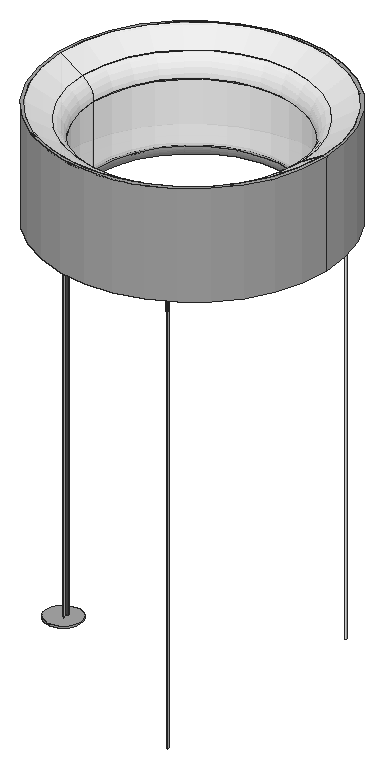
Revit family "640 Cylindro (Multi-Point)", category Lighting Fixtures, host Face, Revit 2015
Parameters (values of type "Refer to Catalog")
  Wire = Plastic - Delray Lighting - Black
  Watts = 0 W
  Wattage = 9.2903 W
  built-in parameter 1150110 = 1 (stored number, unit not read)
  Voltage = 120 V
  URL = "www.delraylighting.com"
  built-in parameter 1114217 = 1 (stored number, unit not read)
  Tilt Angle = -90.00°
  built-in parameter 1150109 = 1 (stored number, unit not read)
  built-in parameter 1150134 = 3
  built-in parameter 1150113 = 1 (stored number, unit not read)
  Spot Photometric Web File = "generic.ies"
  Spot Option Model = "BAR111"
  Spot Option Description = "Optional Spotlight"
  Product Page URL = "http://www.delraylighting.com/big_lights.html"
  Product Documentation Link = "http://www.delraylighting.com/spec_pg_pdfs/640.pdf"
  Power Factor = 1
  Photometric Web File = "B6401.518.IES"
  Pendant Height [instance] = 3' - 0"
  Pendant = Metal - Delray Lighting - Aluminum - Anodized Gray
  Optional Spot = no
  Spot Model = Default : Default
  Number of Poles = 1
  No Optional Spot = not(Optional Spot)  # yes
  Model = "6402"
  Manufacturer = "Delray Lighting"
  built-in parameter 1150105 = 109.82 (stored number, unit not read)
  Lumens = 1380 lm
  built-in parameter 1150115 = 1 (stored number, unit not read)
  built-in parameter 1150137 = (empty or 0)
  built-in parameter 1150139 = (empty or 0)
  Light Height [instance] = Pendant Height + 0' 4 1/2"  # 3' - 4 1/2"
  Lamp Type = "T5"
  built-in parameter 1150112 = 1 (stored number, unit not read)
  built-in parameter 1150114 = 1 (stored number, unit not read)
  Installation Type = "Multi-Point Mount"
  Input Watts = 16 W
  Inner Lens Material = Plastic - Delray Lighting - Opal
  built-in parameter 1150132 = (empty or 0)
  built-in parameter 1150102 = (empty or 0)
  built-in parameter 1150107 = 3200 (stored number, unit not read)
  built-in parameter 1150138 = (empty or 0)
  built-in parameter 1150106 = 1.0982 (stored number, unit not read)
  Housing = Metal - Delray Lighting - Aluminum - Anodized Gray
  Emit from Circle Diameter = 2' - 0"
  Emit Shape Visible in Rendering = no
  built-in parameter 1150104 = 13.8 (stored number, unit not read)
  Dimming Lamp Color Temperature Shift = <None>
  Dimming [instance] = no
  Description = "Cylindro Compact Fluorescent with Opal Acrylic Diffuser and Multi-Point Mount"
  Default Elevation = 4' - 0"
  Construction Note = "If No Optional Spot is selected, Spot Model is Void"  # constant formula
  Connector Description = "Power Connection"
  Color Filter = 16777215
  built-in parameter 1114216 [instance] = 1 (stored number, unit not read)
  built-in parameter 1114218 = 1 (stored number, unit not read)
  Ballast [instance] = if(Dimming, "Dimming", "Standard")  # "Standard"
  built-in parameter 1150133 = 10 (stored number, unit not read)
  Assembly Code = "D5020210"
  Apparent Load = Input Watts  # 16 VA
  Amps = 0 A
  Air Craft Cable = Metal - Delray Lighting - Air Craft Cable
Reference planes (in)
  plane 1 "Center (Front/Back)": y = 0
  plane 2: z = 0
  plane 3 "Center (Left/Right)": x = 0
  plane 4: z = 40.5
Dimensions and locks (in)
  locked: plane 3 "Center (Left/Right)" to nested 2 at 11.5
  "Light Height": plane 4 to level
  aligned and locked: plane 2 to host face
  aligned and locked: level to host face
  aligned and locked: plane 1 "Center (Front/Back)" to nested 1
  aligned: imposter light to nested 1
  aligned and locked: plane 4 to imposter light
  aligned and locked: plane 3 "Center (Left/Right)" to imposter light
  aligned: nested 1 to nested 3  (x2)
  aligned and locked: plane 1 "Center (Front/Back)" to nested 3
  aligned: nested 1 to plane 4  (x4)
  aligned and locked: plane 3 "Center (Left/Right)" to nested 1
  aligned and locked: nested 2 to level
  aligned and locked: plane 3 "Center (Left/Right)" to nested 2
  aligned and locked: plane 1 "Center (Front/Back)" to nested 2
  aligned and locked: nested 1 to plane 4
  aligned: nested 3 to nested 1
Automatic sketch dimensions
  host sketch curve to host sketch curve = 8' - 0"  (x2)
Nested families (in)
  nested 1: "Cylindro Pendant Shade" at (0, 0, 45.05), type "Cylindro Pendant Shade"
    with Pendant Height 3' - 4 1/2"
  nested 2: "Cylindro Straight Mount" at (0, 0, 36), Pendant Height <- "Pendant Height", type "Cylindro Straight Mount"
    with Pendant Height 3' - 0"
  nested 3: "Default" at (0, 0, 36), visible <- "Optional Spot", type <- "Spot Model", built-in parameter 1001364 <- "Pendant Height", type "Default"
Connectors (in)
  electrical at (-11.5006, 0, 0), driven by "Voltage", driven by "Apparent Load", driven by "Power Factor", driven by "Number of Poles", driven by "Connector Description", driven by "Apparent Load"
    settings: on nested 2, index 1, voltage 120 V, apparent load 16 VA, apparent load phase1 16 VA, apparent load phase2 0 VA, apparent load phase3 0 VA, power factor 1, load classification "Lighting", number of poles 1, system type 30, power factor state 1, is connector primary yes, connector utility no, sub classification motor no, connector description "Power Connection"
Definition of nested family "Cylindro Pendant Shade"
  Parameters
    Pendant Height [instance] = 3' - 0"
    Inner Lens Material = none
    Housing = none
    Emit Shape Visible in Rendering = no
    Assembly Code = ""
  Reference planes (in)
    plane 1 "Center (Front/Back)": y = 0
    plane 2: z = 0
    plane 3 "Center (Left/Right)": x = 0
    plane 4: z = -9.1
    plane 5: z = -4.55
  Forms (in)
    Extrusion 1, solid, material <- "Housing"
      sketch origin (0, 0, 0) x (0, -1, 0) y (1, 0, 0)
        loop
          circle (0, 0) r 12
        loop
          circle (0, 0) r 11.75
      from 0 to -9.1
    Sweep 2, solid, material <- "Inner Lens Material"
      path origin (0, 0, 0) x (0, -1, 0) y (1, 0, 0)
        loop
          circle (0, 0) r 8
      profile origin (0, 8, 0) x (0, -1, 0) y (0, 0, 1)
        loop
          arc (-0.75, -2.88675) -> (-1.01795, -1.88675) -> (-1.75, -1.1547) r 2
          line (-1.75, -1.1547) -> (-3.75, 0) -> (-3.75, -0.14434) -> (-1.8125, -1.26295)
          arc (-1.8125, -1.26295) -> (-1.1262, -1.94925) -> (-0.875, -2.88675) r 1.875
          line (-0.875, -2.88675) -> (-0.875, -8.1) -> (-3.75, -8.1) -> (-3.75, -8.225) -> (-0.75, -8.225) -> (-0.75, -2.88675)
    Sweep 3, solid, material <- "Housing"
      path origin (0, 0, 0) x (0, -1, 0) y (1, 0, 0)
        loop
          circle (0, 0) r 12
      profile origin (0, 12, 0) x (0, -1, 0) y (0, 0, 1)
        loop
          arc (2.5, -9.1) -> (3.20711, -8.80711) -> (3.5, -8.1) r 1
          line (3.5, -8.1) -> (3.25, -8.1) -> (3.25, -8.225) -> (3.36603, -8.225)
          arc (3.36603, -8.225) -> (3.07282, -8.76144) -> (2.5, -8.975) r 0.875
          line (2.5, -8.975) -> (0.25, -8.975) -> (0.25, -9.1) -> (2.5, -9.1)
  Lines and regions (in)
    Masking region 1
      outline origin (0, 0, 0) x (0, 1, 0) y (0, 0, 1)
        loop
          line (12, -9.1) -> (12, 0) -> (-12, 0) -> (-12, -9.1) -> (12, -9.1)
    Masking region 2
      outline origin (0, 0, 0) x (1, 0, 0) y (0, 0, 1)
        loop
          line (-12, -9.1) -> (12, -9.1) -> (12, 0) -> (-12, 0) -> (-12, -9.1)
    Masking region 3
      outline origin (0, 0, 0) x (1, 0, 0) y (0, 1, 0)
        loop
          circle (0, 0) r 12
    Masking region 4, detail levels medium+fine
      outline origin (0, 0, 0) x (1, 0, 0) y (0, 1, 0)
        loop
          circle (0, 0) r 8.5
  Dimensions and locks (in)
    locked: plane 4 to level at 9.1
    equal spacing: level, plane 5, plane 4
    radius of Extrusion 1 sketch curve = 1' - 0"
    radius of Sweep 2 sketch curve = 0' - 8"
    aligned and locked: Extrusion 1 to plane 4
    aligned: Sweep 3 sketch curve to Extrusion 1
    aligned and locked: Sweep 3 sketch curve to Extrusion 1
    aligned: Masking region 3 sketch curve to Extrusion 1
    aligned and locked: Masking region 3 sketch curve to Extrusion 1
    aligned: Masking region 4 sketch curve to Sweep 3
    aligned and locked: Masking region 4 sketch curve to Sweep 3
    aligned and locked: plane 4 to Masking region 1
  Automatic sketch dimensions
    plane 4 to Masking region 1 sketch curve = 0' - 0"
    Masking region 1 sketch curve to level = 0' - 0"
    plane 1 "Center (Front/Back)" to Masking region 1 sketch curve = 1' - 0"
    Masking region 1 sketch curve to plane 1 "Center (Front/Back)" = 1' - 0"
    Extrusion 1 sketch curve to Extrusion 1 sketch curve = 0' - 0"  (x2)
    plane 1 "Center (Front/Back)" to Extrusion 1 sketch curve = 0' - 0"
    Extrusion 1 sketch curve to plane 3 "Center (Left/Right)" = 0' - 0"
    plane 1 "Center (Front/Back)" to Sweep 2 sketch curve = 0' - 0"
    Sweep 2 sketch curve to plane 3 "Center (Left/Right)" = 0' - 0"
    Sweep 2 sketch curve to Sweep 2 sketch curve = 0' - 0"  (x2)
    Sweep 2 sketch curve to profile plane = 0' - 0"
    Sweep 2 sketch curve to profile plane = 0' - 0.14434"
    profile plane to Sweep 2 sketch curve = 0' - 3 3/4"  (x2)
    profile plane to Sweep 2 sketch curve = 0' - 2 3/4"
    profile plane to Sweep 2 sketch curve = 0' - 1 13/16"
    Sweep 2 sketch curve to Sweep 2 sketch curve = 0' - 0 1/16"
    profile plane to Sweep 2 sketch curve = 0' - 0 7/8"
    Sweep 2 sketch curve to Sweep 2 sketch curve = 0' - 0 1/8"  (x2)
    Sweep 2 sketch curve to profile plane = 0' - 1.1547"
    Sweep 2 sketch curve to Sweep 2 sketch curve = 0' - 5.21325"
    Masking region 2 sketch curve to level = 0' - 0"
    Masking region 2 sketch curve to plane 4 = 0' - 0"
    Masking region 2 sketch curve to plane 3 "Center (Left/Right)" = 1' - 0"
    plane 3 "Center (Left/Right)" to Masking region 2 sketch curve = 1' - 0"
    Sweep 3 sketch curve to Sweep 3 sketch curve = 0' - 0"  (x2)
    Sweep 3 sketch curve to profile plane = 0' - 0 1/4"
    Sweep 3 sketch curve to Sweep 3 sketch curve = 0' - 2 1/4"
    Sweep 3 sketch curve to Sweep 3 sketch curve = 0' - 0 3/4"
    Sweep 3 sketch curve to Sweep 3 sketch curve = 0' - 0.11603"
    Sweep 3 sketch curve to Sweep 3 sketch curve = 0' - 0.13397"
    Sweep 3 sketch curve to profile plane = 0' - 9.1"
    Sweep 3 sketch curve to Sweep 3 sketch curve = 0' - 0 1/8"
    radius of Extrusion 1 sketch curve = 0' - 11 3/4"
Definition of nested family "Cylindro Straight Mount"
  Parameters
    Wire = none
    Radius = 0' - 11 1/2"
    Pendant Height [instance] = 3' - 0"
    Pendant = none
    Assembly Code = ""
    Air Craft Cable = none
  Reference planes (in)
    plane 1 "Center (Front/Back)": y = 0
    plane 2: z = 0
    plane 3 "Center (Left/Right)": x = 0
    plane 4: through (6, 10.3923, 48) normal (0.866, -0.5, 0)
    plane 5: through (0, 0, 48) normal (0.866, 0.5, 0)
    plane 6: through (0, 0, 48) normal (0.5, 0.866, 0)
    plane 7: through (0, 0, 48) normal (0.5, -0.866, 0)
    plane 8: z = -36
  Forms (in)
    Sweep 1, solid, material <- "Air Craft Cable"
      path in 3D
        loop
          line (-11.5, 0, 0) -> (-11.5, 0, -36)
      profile origin (-11.5, 0, -18) x (0, -1, 0) y (1, 0, 0)
        loop
          circle (0, 0) r 0.0625
    Sweep 2, solid, material <- "Pendant"
      path in 3D
        loop
          line (-11.5, 0, 0) -> (-11.5, 0, -1)
      profile origin (-11.5, 0, -0.5) x (0, -1, 0) y (1, 0, 0)
        loop
          circle (0, 0) r 0.125
    Sweep 3, solid, material <- "Air Craft Cable"
      path in 3D
        loop
          line (5.75, 9.95929, 0) -> (5.75, 9.95929, -36)
      profile origin (5.75, 9.95929, -18) x (-0.866025, 0.5, 0) y (-0.5, -0.866025, 0)
        loop
          circle (0, 0) r 0.0625
    Sweep 4, solid, material <- "Pendant"
      path in 3D
        loop
          line (5.75, 9.95929, 0) -> (5.75, 9.95929, -1)
      profile origin (5.75, 9.95929, -0.5) x (-0.866025, 0.5, 0) y (-0.5, -0.866025, 0)
        loop
          circle (0, 0) r 0.125
    Sweep 5, solid, material <- "Air Craft Cable"
      path in 3D
        loop
          line (5.75, -9.95929, 0) -> (5.75, -9.95929, -36)
      profile origin (5.75, -9.95929, -18) x (0.866025, 0.5, 0) y (-0.5, 0.866025, 0)
        loop
          circle (0, 0) r 0.0625
    Sweep 6, solid, material <- "Pendant"
      path in 3D
        loop
          line (5.75, -9.95929, 0) -> (5.75, -9.95929, -1)
      profile origin (5.75, -9.95929, -0.5) x (0.866025, 0.5, 0) y (-0.5, 0.866025, 0)
        loop
          circle (0, 0) r 0.125
    Extrusion 7, solid, material <- "Pendant"
      sketch origin (0.4994, 0, 0) x (0, -1, 0) y (1, 0, 0)
        loop
          circle (0, -12) r 1.5
      from -35.875 to -36
    Sweep 8, solid, material <- "Wire"
      path in 3D
        loop
          line (-11.5006, 0.40161, 0) -> (-11.5006, 0.40161, -36)
      profile origin (-11.5006, 0.40161, -18) x (-0.034899, -0.999391, 0) y (0.999391, -0.034899, 0)
        loop
          circle (0, 0) r 0.125
  Lines and regions (in)
    Masking region 1, detail levels medium+fine
      outline origin (0, 0, 0) x (0, 1, 0) y (0, 0, 1)
        loop
          line (1.5, -36) -> (1.5, -35.875) -> (-1.5, -35.875) -> (-1.5, -36) -> (1.5, -36)
    Masking region 2, detail levels medium+fine
      outline origin (0, 0, 0) x (1, 0, 0) y (0, 0, 1)
        loop
          line (-13.0006, -35.875) -> (-13.0006, -36) -> (-10.0006, -36) -> (-10.0006, -35.875) -> (-13.0006, -35.875)
    reference lines
      curve 1: circle (0, 0, 0) r 11.5 normal (0, 0, 1)
      curve 2: line (-11.5, 0, 0) -> (-11.5, 0, -36)
      curve 3: line (5.75, 9.95929, 0) -> (5.75, 9.95929, -1)
      curve 4: line (5.75, -9.95929, 0) -> (5.75, -9.95929, -36)
      curve 5: line (-11.5, 0, 0) -> (-11.5, 0, -1)
      curve 6: line (5.75, 9.95929, 0) -> (5.75, 9.95929, -36)
      curve 7: line (5.75, -9.95929, 0) -> (5.75, -9.95929, -1)
      curve 14: line (-11.5006, 0.40161, 0) -> (-11.5006, 0.40161, -36)
    sketch lines
      curve 8: line (-11.5, 0, 0) -> (-11.5, 0, -36)
      curve 9: line (-11.5, 0, 0) -> (-11.5, 0, -1)
      curve 10: line (5.75, 9.95929, 0) -> (5.75, 9.95929, -36)
      curve 11: line (5.75, 9.95929, 0) -> (5.75, 9.95929, -1)
      curve 12: line (5.75, -9.95929, 0) -> (5.75, -9.95929, -36)
      curve 13: line (5.75, -9.95929, 0) -> (5.75, -9.95929, -1)
      curve 15: line (-11.5006, 0.40161, 0) -> (-11.5006, 0.40161, -36)
    symbolic lines
      curve 16: line (0, 9.95929, 0) -> (0, 9.95929, -36)
      curve 17: line (0, 0, 0) -> (0, 0, -36)
      curve 18: line (0, -9.95929, 0) -> (0, -9.95929, -36)
      curve 19: line (-11.5, 0, 0) -> (-11.5, 0, -36)
      curve 20: line (5.75, 0, 0) -> (5.75, 0, -36)
  Dimensions and locks (in)
    locked: curve 5 to curve 5 at 1
    locked: curve 7 to curve 7 at 1
    locked: curve 3 to curve 3 at 1
    locked: Extrusion 7 to Extrusion 7 at 0.125
    "Pendant Height": level to plane 8
    aligned and locked: curve 4 to plane 8
    aligned and locked: curve 6 to plane 8
    aligned and locked: Extrusion 7 to plane 8
    aligned and locked: curve 14 to plane 8
    aligned and locked: curve 19 to curve 2
    aligned and locked: curve 20 to curve 4
  Automatic sketch dimensions
    curve 18 to level = 0' - 0"
    plane 8 to curve 18 = 0' - 0"
    curve 17 to plane 1 "Center (Front/Back)" = 0' - 0"
    plane 8 to curve 16 = 0' - 0"
    curve 16 to level = 0' - 0"
    plane 8 to curve 17 = 0' - 0"
    curve 17 to level = 0' - 0"
    curve 18 to curve 17 = 0' - 9.95929"
    curve 16 to plane 1 "Center (Front/Back)" = 0' - 9.95929"
    plane 1 "Center (Front/Back)" to curve 1 = 0' - 0"
    curve 1 to plane 3 "Center (Left/Right)" = 0' - 0"
    curve 2 to plane 8 = 0' - 0"
    curve 5 to level = 0' - 0"
    curve 2 to level = 0' - 0"
    curve 2 to plane 3 "Center (Left/Right)" = 0' - 11 1/2"
    curve 5 to curve 2 = 0' - 0"
    level to curve 6 = 0' - 0"
    curve 6 to plane 8 = 0' - 0"
    level to curve 3 = 0' - 0"
    plane 6 to curve 3 = 0' - 11 1/2"
    curve 6 to curve 3 = 0' - 0"
    curve 4 to plane 8 = 0' - 0"
    level to curve 7 = 0' - 0"
    level to curve 4 = 0' - 0"
    plane 7 to curve 4 = 0' - 11 1/2"
    curve 7 to curve 4 = 0' - 0"
    plane 8 to curve 14 = 0' - 0"
    curve 14 to level = 0' - 0"
    Sweep 1 sketch curve to profile plane = 0' - 0"
    profile plane to Sweep 1 sketch curve = 0' - 0"
    Sweep 2 sketch curve to profile plane = 0' - 0"
    profile plane to Sweep 2 sketch curve = 0' - 0"
    Sweep 3 sketch curve to profile plane = 0' - 0"  (x2)
    Sweep 4 sketch curve to profile plane = 0' - 0"  (x2)
    profile plane to Sweep 5 sketch curve = 0' - 0"
    Sweep 5 sketch curve to profile plane = 0' - 0"
    profile plane to Sweep 6 sketch curve = 0' - 0"
    Sweep 6 sketch curve to profile plane = 0' - 0"
    plane 1 "Center (Front/Back)" to Extrusion 7 sketch curve = 0' - 0"
    Extrusion 7 sketch curve to plane 3 "Center (Left/Right)" = 0' - 11.5006"
    Sweep 8 sketch curve to profile plane = 0' - 0"
    profile plane to Sweep 8 sketch curve = 0' - 0"
    plane 8 to Masking region 1 sketch curve = 0' - 0"
    plane 1 "Center (Front/Back)" to Masking region 1 sketch curve = 0' - 1 1/2"
    Masking region 1 sketch curve to plane 8 = 0' - 0 1/8"
    Masking region 1 sketch curve to plane 1 "Center (Front/Back)" = 0' - 1 1/2"
    curve 19 to level = 0' - 0"
    curve 20 to plane 8 = 0' - 0"
    curve 20 to level = 0' - 0"
    Masking region 2 sketch curve to Masking region 2 sketch curve = 0' - 0 1/8"
    curve 19 to plane 8 = 0' - 0"
    Masking region 2 sketch curve to Masking region 2 sketch curve = 0' - 3"
    Masking region 2 sketch curve to plane 3 "Center (Left/Right)" = 1' - 1.0006"
    Masking region 2 sketch curve to plane 8 = 0' - 0"
    radius of curve 1 = 0' - 11 1/2"
    radius of Sweep 1 sketch curve = 0' - 0 1/16"
    radius of Sweep 2 sketch curve = 0' - 0 1/8"
    radius of Sweep 3 sketch curve = 0' - 0 1/16"
    radius of Sweep 4 sketch curve = 0' - 0 1/8"
    radius of Sweep 5 sketch curve = 0' - 0 1/16"
    radius of Sweep 6 sketch curve = 0' - 0 1/8"
    radius of Extrusion 7 sketch curve = 0' - 1 1/2"
    radius of Sweep 8 sketch curve = 0' - 0 1/8"
Definition of nested family "Default"
  Parameters
    Watts = 0 W
    Voltage = 0 V
    URL = ""
    Product Page URL = ""
    Product Documentation Link = ""
    Model = ""
    Manufacturer = ""
    Lamp Type = "Default"
    Lamp = Lamp Type  # "Default"
    Input Watts = 0 W
    Emit Shape Visible in Rendering = no
    Description = ""
    Assembly Code = ""
    Apparent Load = Input Watts  # 0 VA
    Amps = 0 A
  Reference planes (in)
    plane 1 "Center (Front/Back)": y = 0
    plane 2: z = 0
    plane 3 "Center (Left/Right)": x = 0
